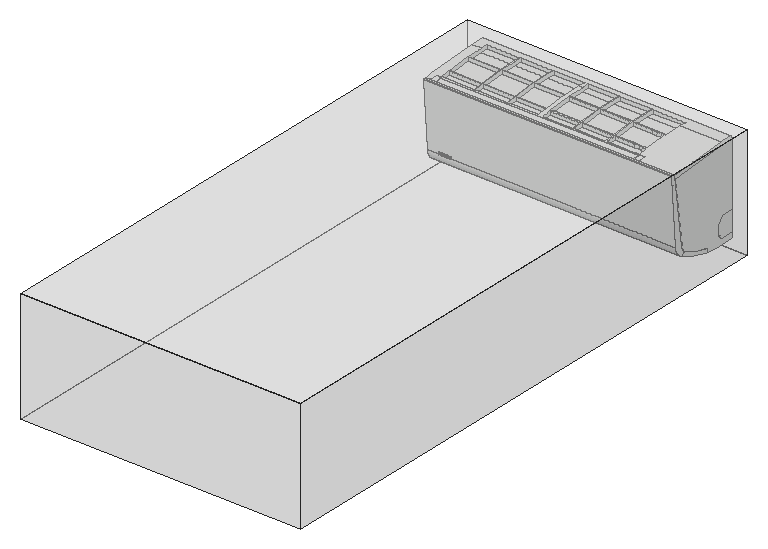
Revit family "outputfile", category 機械設備, Revit 2024
Family settings
  丸型コネクタ寸法 = 半径を使用
  パーツ タイプ = 標準
  OmniClass 番号 = 23.75.10.24.21.27.27
  OmniClass タイトル = Split System Air Conditioning Units
  作業面ベース = いいえ
  常に垂直 = はい
  ロード時にボイドで切り取り = いいえ
  注釈の向きを維持 = いいえ
  共有 = いいえ
  部屋計算ポイント = いいえ
Parameters (values of type "FTKF50CVA")
  Description = ""
  書き出し IFC クラス(タイプ) = "IfcUnitaryEquipmentType"
  定義済み IFC タイプ(タイプ) = "AIRCONDITIONINGUNIT"
  Cost = 0
  Type Comments = ""
  Keynote = ""
  Type Image = (empty or 0)
  Assembly Code = ""
  switch_frequency = yes
  lw_connection [instance] = if(Width = 730.0 mm, 85.0 mm, if(Width = 770.0 mm, 48.0 mm, 60.0 mm))  # 48.0 mm
  製造元 = "Daikin"
  モデル = "FTKF50CVA"
  r_Liquid Pipe Size = Liquid Pipe Size / 2  # 3.2 mm
  r_Gas Pipe Size = Gas Pipe Size / 2  # 6.35 mm
  r_Drain Pipe Size = Drain Pipe Size / 2  # 9.55 mm
  lw_powersupply [instance] = if(Width = 730.0 mm, if(or(Rear Right Connection_refrigerant, Bottom Right Connection_refrigerant), 65.0 mm, if(or(Rear Left Connection_refrigerant, Bottom Left Connection_refrigerant), 695.0 mm, 400.0 mm)), if(Width = 770.0 mm, if(or(Rear Right Connection_refrigerant, Bottom Right Connection_refrigerant), 68.0 mm, if(or(Rear Left Connection_refrigerant, Bottom Left Connection_refrigerant), 705.0 mm, 400.0 mm)), if(or(Rear Right Connection_refrigerant, Bottom Right Connection_refrigerant), 83.0 mm, if(or(Rear Left Connection_refrigerant, Bottom Left Connection_refrigerant), 928.0 mm, 400.0 mm))))  # 400.0 mm
  lw_liquidpipe [instance] = if(Width = 730.0 mm, if(or(Rear Right Connection_refrigerant, Bottom Right Connection_refrigerant), 0.0 mm, if(or(Rear Left Connection_refrigerant, Bottom Left Connection_refrigerant), 582.0 mm, 473.0 mm)), if(Width = 770.0 mm, if(or(Rear Right Connection_refrigerant, Bottom Right Connection_refrigerant), 0.0 mm, if(or(Rear Left Connection_refrigerant, Bottom Left Connection_refrigerant), 682.0 mm, 385.0 mm)), if(or(Rear Right Connection_refrigerant, Bottom Right Connection_refrigerant), 10.0 mm, if(or(Rear Left Connection_refrigerant, Bottom Left Connection_refrigerant), 858.0 mm, 435.0 mm))))  # 385.0 mm
  lw_gaspipe [instance] = if(Width = 730.0 mm, if(or(Rear Right Connection_refrigerant, Bottom Right Connection_refrigerant), 0.0 mm, if(or(Rear Left Connection_refrigerant, Bottom Left Connection_refrigerant), 576.0 mm, 428.0 mm)), if(Width = 770.0 mm, if(or(Rear Right Connection_refrigerant, Bottom Right Connection_refrigerant), 0.0 mm, if(or(Rear Left Connection_refrigerant, Bottom Left Connection_refrigerant), 675.0 mm, 335.0 mm)), if(or(Rear Right Connection_refrigerant, Bottom Right Connection_refrigerant), 0.0 mm, if(or(Rear Left Connection_refrigerant, Bottom Left Connection_refrigerant), 851.0 mm, 400.0 mm))))  # 335.0 mm
  lw_drainpipe [instance] = if(Width = 730.0 mm, if(or(Rear Right Connection_refrigerant, Bottom Right Connection_refrigerant), 0.0 mm, if(or(Rear Left Connection_refrigerant, Bottom Left Connection_refrigerant), 590.0 mm, 488.0 mm)), if(Width = 770.0 mm, if(or(Rear Right Connection_refrigerant, Bottom Right Connection_refrigerant), 0.0 mm, if(or(Rear Left Connection_refrigerant, Bottom Left Connection_refrigerant), 695.0 mm, 440.0 mm)), if(or(Rear Right Connection_refrigerant, Bottom Right Connection_refrigerant), 0.0 mm, if(or(Rear Left Connection_refrigerant, Bottom Left Connection_refrigerant), 888.0 mm, 475.0 mm))))  # 440.0 mm
  l_powersupply_length [instance] = if(Width = 730.0 mm, if(Right Connection_refrigerant, 400.0 mm, if(Left Connection_refrigerant, 330.0 mm, if(or(Bottom Left Connection_refrigerant, Bottom Right Connection_refrigerant), 57.0 mm, if(or(Rear Left Connection_refrigerant, Rear Right Connection_refrigerant), 15.0 mm, 50.0 mm)))), if(Width = 770.0 mm, if(Right Connection_refrigerant, 400.0 mm, if(Left Connection_refrigerant, 370.0 mm, if(or(Bottom Left Connection_refrigerant, Bottom Right Connection_refrigerant), 57.0 mm, if(or(Rear Left Connection_refrigerant, Rear Right Connection_refrigerant), 15.0 mm, 50.0 mm)))), if(Right Connection_refrigerant, 400.0 mm, if(Left Connection_refrigerant, 590.0 mm, if(or(Bottom Left Connection_refrigerant, Bottom Right Connection_refrigerant), 57.0 mm, if(or(Rear Left Connection_refrigerant, Rear Right Connection_refrigerant), 15.0 mm, 50.0 mm))))))  # 400.0 mm
  l_liquidpipe_length [instance] = if(Width = 730.0 mm, if(Right Connection_refrigerant, 558.0 mm, if(Left Connection_refrigerant, 172.0 mm, if(or(Bottom Left Connection_refrigerant, Bottom Right Connection_refrigerant), 48.0 mm, if(or(Rear Left Connection_refrigerant, Rear Right Connection_refrigerant), 30.0 mm, 40.0 mm)))), if(Width = 770.0 mm, if(Right Connection_refrigerant, 433.0 mm, if(Left Connection_refrigerant, 337.0 mm, if(or(Bottom Left Connection_refrigerant, Bottom Right Connection_refrigerant), 48.0 mm, if(or(Rear Left Connection_refrigerant, Rear Right Connection_refrigerant), 30.0 mm, 40.0 mm)))), if(Right Connection_refrigerant, 495.0 mm, if(Left Connection_refrigerant, 495.0 mm, if(or(Bottom Left Connection_refrigerant, Bottom Right Connection_refrigerant), 48.0 mm, if(or(Rear Left Connection_refrigerant, Rear Right Connection_refrigerant), 30.0 mm, 40.0 mm))))))  # 433.0 mm
  l_gaspipe_length [instance] = if(Width = 730.0 mm, if(Right Connection_refrigerant, 513.0 mm, if(Left Connection_refrigerant, 217.0 mm, if(or(Bottom Left Connection_refrigerant, Bottom Right Connection_refrigerant), 57.0 mm, if(or(Rear Left Connection_refrigerant, Rear Right Connection_refrigerant), 40.0 mm, 50.0 mm)))), if(Width = 770.0 mm, if(Right Connection_refrigerant, 383.0 mm, if(Left Connection_refrigerant, 387.0 mm, if(or(Bottom Left Connection_refrigerant, Bottom Right Connection_refrigerant), 57.0 mm, if(or(Rear Left Connection_refrigerant, Rear Right Connection_refrigerant), 40.0 mm, 50.0 mm)))), if(Right Connection_refrigerant, 460.0 mm, if(Left Connection_refrigerant, 530.0 mm, if(or(Bottom Left Connection_refrigerant, Bottom Right Connection_refrigerant), 57.0 mm, if(or(Rear Left Connection_refrigerant, Rear Right Connection_refrigerant), 40.0 mm, 50.0 mm))))))  # 383.0 mm
  l_drainpipe_length [instance] = if(Width = 730.0 mm, if(Right Connection_refrigerant, 573.0 mm, if(Left Connection_refrigerant, 157.0 mm, if(or(Bottom Left Connection_refrigerant, Bottom Right Connection_refrigerant), 35.0 mm, if(or(Rear Left Connection_refrigerant, Rear Right Connection_refrigerant), 15.0 mm, 20.0 mm)))), if(Width = 770.0 mm, if(Right Connection_refrigerant, 488.0 mm, if(Left Connection_refrigerant, 282.0 mm, if(or(Bottom Left Connection_refrigerant, Bottom Right Connection_refrigerant), 35.0 mm, if(or(Rear Left Connection_refrigerant, Rear Right Connection_refrigerant), 15.0 mm, 20.0 mm)))), if(Right Connection_refrigerant, 535.0 mm, if(Left Connection_refrigerant, 455.0 mm, if(or(Bottom Left Connection_refrigerant, Bottom Right Connection_refrigerant), 35.0 mm, if(or(Rear Left Connection_refrigerant, Rear Right Connection_refrigerant), 15.0 mm, 20.0 mm))))))  # 488.0 mm
  h*** = 0.0 mm  # constant formula
  connector_voltage = Voltage_60Hz  # 220 V
  connector_powerinput = [Power Input (Cooling)]  # 0.000 kW
  connector_phase = Phase_60Hz  # 1
  angle_vertical [instance] = if(or(Bottom Left Connection_refrigerant, Bottom Right Connection_refrigerant), 0.00°, 90.00°)  # 90.00°
  angle_horizontal [instance] = if(Right Connection_refrigerant, 90.00°, if(Left Connection_refrigerant, -90.00°, if(or(Rear Left Connection_refrigerant, Rear Right Connection_refrigerant), 180.00°, 0.00°)))  # 90.00°
  Width = 770.0 mm
  Voltage_comment_60Hz = "220"
  Voltage_60Hz = 220 V
  Version = "ver.1.0"
  Unit Type = "Wall Mounted"
  Unit Mass Weight = 9.50 kg
  Unit Designation [instance] = ""
  Uniclass2015Version = "Products v1.30"
  Uniclass2015Title = "Split coil room air conditioning units"
  Uniclass2015Code = "Pr_70_65_03_86"
  URL = ""
  Total Cooling Capacity [instance] = 0.000 kW
  Sound Pressure Level_M speed (dBA) = 39
  Sound Pressure Level_L speed (dBA) = 33
  Sound Pressure Level_H speed (dBA) = 42
  Sound Power Level_H speed (dB) = 0
  Series = "Single Split_Fan Coil Unit"
  Sensible Cooling Capacity [instance] = 0.000 kW
  Refrigerant Type = "R32"
  Power Input (Cooling) = 0.000 kW
  Phase_60Hz = 1
  Option Accessory 3 [instance] = ""
  Option Accessory 2 [instance] = ""
  Option Accessory 1 [instance] = ""
  Nominal Cooling Capacity = 5.280 kW
  Minimum Circuit Amps_60Hz = 0.0 A
  Minimum Airflow = 493.00 m³/h
  Median Airflow = 646.00 m³/h
  Maximum Fuse Amps_60Hz = 0.0 A
  Maximum Airflow = 731.00 m³/h
  Material_Casing = DAIKIN_White_Casing_indoorunit
  Load Classification = HVAC
  Liquid Pipe Size = 6.4 mm
  Link_Nested Family [instance] = ""
  IfcVersion = ""
  IfcExportType = "AIRCONDITIONINGUNIT"
  IfcExportAs = "IfcUnitaryEquipmentType"
  Height = 288.0 mm
  Heat Exchanger Type = "Cross Fin Coil"
  Gas Pipe Size = 12.7 mm
  Frequency_60Hz = 60 Hz
  Fan Type = "Cross Flow Fan"
  Fan Drive = "Direct Drive"
  FCU Tag No. [instance] = ""
  Drain Pipe Size = 19.1 mm
  Design Supply Airflow [instance] = 0.00 m³/h
  Depth = 234.0 mm
  既定の高さ = 0.0 mm
  Cooling Entering Wet Bulb Temperature [instance] = 0.00 °C
  Cooling Entering Dry Bulb Temperature [instance] = 0.00 °C
  Cooling Ambient Wet Bulb Temperature [instance] = 0.00 °C
  Cooling Ambient Dry Bulb Temperature [instance] = 0.00 °C
  Clearance visibility [instance] = yes
  Clearance Top = 30.0 mm
  Clearance Right = 50.0 mm
  Clearance Rear = 0.0 mm
  Clearance Left = 50.0 mm
  Clearance Front = 1500.0 mm
  Clearance Bottom = 30.0 mm
  Bottom Right Connection_refrigerant [instance] = no
  Bottom Left Connection_refrigerant [instance] = no
  Rear Right Connection_refrigerant [instance] = no
  Rear Left Connection_refrigerant [instance] = no
  Right Connection_refrigerant [instance] = yes
  Left Connection_refrigerant [instance] = no
Reference planes
  plane 1 "Back": y = 0
  plane 2: z = 0
  plane 3 "Center (Left/Right)": x = 0
  plane 4 "Center (Front/Back)": y = -117
  plane 5 "Front": y = -234
  plane 6 "Left": x = -385
  plane 7 "Right": x = 385
  plane 8 "Top": z = 0
  plane 9 "Bottom": z = -288
  plane 10 "Front panel_Left": x = -383
  plane 11 "Front panel_Right": x = 383
  plane 12: x = 249
  plane 13: x = 244
  plane 14: x = -435
  plane 15: x = 435
  plane 16: y = 0
  plane 17: y = -213
  plane 18: z = 30
  plane 19: z = -318
  plane 20 "lw_Piping and Wiring intake": x = 337
  plane 21 "lw_gaspipe": x = 2
  plane 22 "lw_liquidpipe": x = -48
  plane 23 "lw_drainpipe": x = -103
  plane 24 "lh_drainpipe": z = -253
  plane 25 "lh_liquidpipe": z = -240
  plane 26 "lh_gaspipe": z = -231
  plane 27 "ld_drainpipe": y = -15
  plane 28 "ld_liquidpipe": y = -30
  plane 29 "ld_gaspipe": y = -40
  plane 30 "lw_powersupply": x = -15
  plane 31: y = -1734
Dimensions and locks
  equal spacing: plane 6 "Left", plane 3 "Center (Left/Right)", plane 7 "Right"
  "Width": plane 6 "Left" to plane 7 "Right"
  equal spacing: plane 5 "Front", plane 4 "Center (Front/Back)", plane 1 "Back"
  "Depth": plane 5 "Front" to plane 1 "Back"
  "Height": plane 8 "Top" to plane 9 "Bottom"
  locked: plane 10 "Front panel_Left" to plane 6 "Left" at 2
  locked: plane 7 "Right" to plane 11 "Front panel_Right" at 2
  locked: plane 7 "Right" to plane 12 at 136
  locked: plane 12 to plane 13 at 5
  "Clearance Rear": plane 16 to plane 1 "Back"
  "Clearance Top": plane 18 to plane 8 "Top"
  "Clearance Bottom": plane 9 "Bottom" to plane 19
  "lw_connection": plane 20 "lw_Piping and Wiring intake" to plane 7 "Right"
  "lw_gaspipe": plane 21 "lw_gaspipe" to plane 20 "lw_Piping and Wiring intake"
  "lw_liquidpipe": plane 22 "lw_liquidpipe" to plane 20 "lw_Piping and Wiring intake"
  "lw_drainpipe": plane 23 "lw_drainpipe" to plane 20 "lw_Piping and Wiring intake"
  locked: plane 24 "lh_drainpipe" to plane 9 "Bottom" at 35
  locked: plane 25 "lh_liquidpipe" to plane 9 "Bottom" at 48
  locked: plane 26 "lh_gaspipe" to plane 9 "Bottom" at 57
  locked: plane 27 "ld_drainpipe" to plane 1 "Back" at 15
  locked: plane 1 "Back" to plane 28 "ld_liquidpipe" at 30
  locked: plane 1 "Back" to plane 29 "ld_gaspipe" at 40
  "lw_powersupply": plane 30 "lw_powersupply" to plane 7 "Right"
  "Clearance Left": plane 14 to plane 6 "Left"
  "Clearance Right": plane 7 "Right" to plane 15
  "Clearance Front": plane 5 "Front" to plane 31
  aligned and locked: level to plane 2
  aligned and locked: plane 16 to nested 1
  aligned and locked: nested 1 to plane 14
  aligned and locked: nested 1 to plane 15
  aligned and locked: plane 19 to nested 1
  aligned and locked: plane 18 to nested 1
  aligned and locked: plane 21 "lw_gaspipe" to nested 2
  aligned and locked: nested 2 to plane 29 "ld_gaspipe"
  aligned and locked: plane 22 "lw_liquidpipe" to nested 3
  aligned and locked: nested 3 to plane 28 "ld_liquidpipe"
  aligned and locked: plane 23 "lw_drainpipe" to nested 4
  aligned and locked: nested 4 to plane 27 "ld_drainpipe"
  aligned and locked: nested 5 to plane 27 "ld_drainpipe"
  aligned and locked: plane 30 "lw_powersupply" to nested 5
  aligned and locked: level to plane 8 "Top"
  aligned and locked: nested 1 to plane 31
Nested families
  nested 1: "daikin_clearancespace" at (0, -867, -143.881), show <- "Clearance visibility", visible <- "Clearance visibility", Link_Nested Family <- "Link_Nested Family", type "daikin_clearancespace"
    with width 870.0 mm, show yes, height 348.0 mm, depth 1734.0 mm, Link_Nested Family ""
  nested 2: "daikin_connector_rotate3" at (2, -40, -231), angle_vertical <- "angle_vertical", angle_horizontal <- "angle_horizontal", length <- "l_gaspipe_length", radius <- "r_Gas Pipe Size", type "daikin_connector_rotate3"
    with show no, radius 6.35 mm, length 383.0 mm, angle_vertical 90.00°, angle_horizontal 90.00°
  nested 3: "daikin_connector_rotate3" at (-48, -30, -240), angle_vertical <- "angle_vertical", angle_horizontal <- "angle_horizontal", radius <- "r_Liquid Pipe Size", length <- "l_liquidpipe_length", type "daikin_connector_rotate3"
    with show no, radius 3.2 mm, length 433.0 mm, angle_vertical 90.00°, angle_horizontal 90.00°
  nested 4: "daikin_connector_rotate3" at (-103, -15, -253), angle_vertical <- "angle_vertical", angle_horizontal <- "angle_horizontal", length <- "l_drainpipe_length", radius <- "r_Drain Pipe Size", type "daikin_connector_rotate3"
    with show no, radius 9.55 mm, length 488.0 mm, angle_vertical 90.00°, angle_horizontal 90.00°
  nested 5: "daikin_connector_rotate3" at (-15, -15, -231), angle_vertical <- "angle_vertical", angle_horizontal <- "angle_horizontal", length <- "l_powersupply_length", type "daikin_connector_rotate3"
    with show no, radius 10.0 mm, length 400.0 mm, angle_vertical 90.00°, angle_horizontal 90.00°
  nested 6: "DAIKIN_indoorunit_FTKF-CVA" at (-31, 0, 0), type "FTKF-CVA"
    with switch_unit1_35-50 yes, switch_unit1_20-25 no, Width 770.0 mm, WALL HOLE-R 48.0 mm, Height 288.0 mm
Connectors
  piping at (385, -40, -231), diameter 12.7, driven by "r_Gas Pipe Size"
    settings: on nested 2, index 1, connector inside diameter 609.6 mm, connector length 0.0 mm, flow factor 0, pipe flow 0.00 m³/h, pressure drop 0.0 Pa, fitting loss kfactor 0, connector angle 0.00°, fixture units 0, engagement length 0.0 mm, angle of deflection 0.00°, flow configuration 1, flow direction 2, fitting loss method 0, system type 29, joint type 0, gender type 0, connector reference index -1, connector utility 0, adjustable connector no, is connector primary yes, connector description "Refrigerant Gas Piping"
  piping at (385, -30, -240), diameter 6.4, driven by "r_Liquid Pipe Size"
    settings: on nested 3, index 2, connector inside diameter 609.6 mm, connector length 0.0 mm, flow factor 0, pipe flow 0.00 m³/h, pressure drop 0.0 Pa, fitting loss kfactor 0, connector angle 0.00°, fixture units 0, engagement length 0.0 mm, angle of deflection 0.00°, flow configuration 1, flow direction 1, fitting loss method 0, system type 29, joint type 0, gender type 0, connector reference index -1, connector utility 0, adjustable connector no, is connector primary no, connector description "Refrigerant Liquid Piping"
  piping at (385, -15, -253), diameter 19.1, driven by "r_Drain Pipe Size"
    settings: on nested 4, index 3, connector inside diameter 609.6 mm, connector length 0.0 mm, flow factor 0, pipe flow 0.00 m³/h, pressure drop 0.0 Pa, fitting loss kfactor 0, connector angle 0.00°, fixture units 0, engagement length 0.0 mm, angle of deflection 0.00°, flow configuration 1, flow direction 2, fitting loss method 4, system type 16, joint type 0, gender type 0, connector reference index -1, connector utility 0, adjustable connector no, is connector primary no, connector description "Condensate Drain Piping"
  electrical at (385, -15, -231), driven by "Load Classification", driven by "connector_phase", driven by "connector_powerinput", driven by "connector_voltage"
    settings: on nested 5, index 4, voltage 220 V, apparent load 0 VA, apparent load phase1 0 VA, apparent load phase2 0 VA, apparent load phase3 0 VA, power factor 1, load classification "HVAC", number of poles 1, system type 30, power factor state 1, is connector primary yes, connector utility no, sub classification motor no, connector description "Power Supply"
Definition of nested family "daikin_clearancespace"
  Parameters (values of type "daikin_clearancespace")
    Description = "daikin_clearancespace"
    width [instance] = 1823.963 mm
    show [instance] = yes
    material = none
    height [instance] = 1359.762 mm
    depth [instance] = 880.0 mm
    Default Elevation = 0.0 mm
    Link_Nested Family [instance] = ""
  Reference planes
    plane 1 "Center (Front/Back)": y = 0
    plane 2 "Center (Elevation)": z = -0.119
    plane 3 "Center (Left/Right)": x = 0
    plane 4: y = 440
    plane 5: y = -440
    plane 6 "Right": x = 911.982
    plane 7 "Left": x = -911.982
    plane 8 "Top": z = 679.762
    plane 9 "Bottom": z = -680
  Forms (mm)
    Extrusion 1, solid, material <- "material", visible <- "show"
      sketch origin (0, 0, 0) x (1, 0, 0) y (0, 1, 0)
        loop
          line (-911.982, 440) -> (-911.982, -440) -> (911.982, -440) -> (911.982, 440) -> (-911.982, 440)
      from -680 to 679.762
  Lines and regions (mm)
    symbolic lines, visible <- "show"
      curve 1: line (911.982, 440, 0) -> (-911.982, 440, 0)
      curve 2: line (-911.982, 440, 0) -> (-911.982, -440, 0)
      curve 3: line (-911.982, -440, 0) -> (911.982, -440, 0)
      curve 4: line (911.982, -440, 0) -> (911.982, 440, 0)
      curve 5: line (911.982, 0, 679.762) -> (-911.982, 0, 679.762)
      curve 6: line (911.982, 0, -680) -> (911.982, 0, 679.762)
      curve 7: line (-911.982, 0, -680) -> (911.982, 0, -680)
      curve 8: line (-911.982, 0, 679.762) -> (-911.982, 0, -680)
      curve 9: line (0, 440, 679.762) -> (0, -440, 679.762)
      curve 10: line (0, -440, 679.762) -> (0, -440, -680)
      curve 11: line (0, 440, -680) -> (0, 440, 679.762)
      curve 12: line (0, -440, -680) -> (0, 440, -680)
  Dimensions and locks
    "width": plane 7 "Left" to plane 6 "Right"
    "depth": plane 4 to plane 5
    "height": plane 8 "Top" to plane 9 "Bottom"
    equal spacing: plane 7 "Left", plane 3 "Center (Left/Right)", plane 6 "Right"
    equal spacing: plane 4, plane 1 "Center (Front/Back)", plane 5
    equal spacing: plane 8 "Top", plane 2 "Center (Elevation)", plane 9 "Bottom"
    aligned and locked: level to plane 2 "Center (Elevation)"
    aligned and locked: Extrusion 1 sketch curve to plane 4
    aligned and locked: plane 7 "Left" to Extrusion 1 sketch curve
    aligned and locked: Extrusion 1 sketch curve to plane 5
    aligned and locked: Extrusion 1 sketch curve to plane 6 "Right"
    aligned and locked: plane 8 "Top" to Extrusion 1
    aligned and locked: curve 1 to Extrusion 1
    aligned and locked: curve 2 to Extrusion 1
    aligned and locked: curve 3 to Extrusion 1
    aligned and locked: curve 4 to Extrusion 1
    aligned and locked: curve 5 to Extrusion 1
    aligned and locked: curve 6 to Extrusion 1
    aligned and locked: curve 7 to Extrusion 1
    aligned and locked: curve 8 to Extrusion 1
    aligned and locked: curve 9 to Extrusion 1
    aligned and locked: curve 10 to Extrusion 1
    aligned and locked: curve 11 to Extrusion 1
    aligned and locked: curve 12 to Extrusion 1
    aligned and locked: Extrusion 1 to plane 9 "Bottom"
Definition of nested family "DAIKIN_indoorunit_FTKF-CVA"
  Parameters (values of type "FTKF-CVA")
    switch_unit1_60-71 = Width = 990.0 mm  # no
    switch_unit1_35-50 = Width = 770.0 mm  # no
    switch_unit1_20-25 = Width = 730.0 mm  # yes
    Width = 730.0 mm
    WALL HOLE-R = if(Width = 730.0 mm, 79.0 mm, 48.0 mm)  # 79.0 mm
    Material_Casing = none
    Height = if(Width = 730.0 mm, 280.0 mm, if(Width = 770.0 mm, 288.0 mm, 297.0 mm))  # 280.0 mm
    Default Elevation = 0.0 mm
  Reference planes
    plane 1 "Center (Front/Back)": y = 0
    plane 2 "reference_level": z = 0
    plane 3 "Center (Left/Right)": x = 31
    plane 4: x = -334
    plane 5: x = 396
    plane 6: z = -280
  Forms (mm)
    Extrusion 1, solid, material <- "Material_Casing", visible <- "switch_unit1_20-25"
      sketch origin (31, 0, 0) x (0, 1, 0) y (0, 0, 1)
        loop
          line (-109.519, -8) -> (-2.596, -8) -> (-8.198, 0) -> (-109.608, 0)
          arc (-109.608, 0) -> (-157.226, -5.2) -> (-202.599, -20.555) r 220.623
          line (-202.599, -20.555) -> (-202.447, -29.25)
          arc (-202.447, -29.25) -> (-157.182, -13.38) -> (-109.519, -8) r 213.82
      from -365 to 365
    Extrusion 2, solid, material <- "Material_Casing", visible <- "switch_unit1_20-25"
      sketch origin (416, 1304.033, 1200.206) x (0, 1, 0) y (0, 0, 1)
        loop
          arc (-1496.513, -1423.164) -> (-1487.225, -1434.204) -> (-1476.373, -1443.711) r 95
          arc (-1476.373, -1443.711) -> (-1448.371, -1461.92) -> (-1418.191, -1476.232) r 250
          line (-1418.191, -1476.232) -> (-1418.191, -1465.318)
          arc (-1418.191, -1465.318) -> (-1445.052, -1452.134) -> (-1470.063, -1435.711) r 240
          arc (-1470.063, -1435.711) -> (-1477.766, -1429.186) -> (-1484.641, -1421.794) r 85
          line (-1484.641, -1421.794) -> (-1496.513, -1423.164)
      from -20 to -177
    Extrusion 3, solid, material <- "Material_Casing", visible <- "switch_unit1_20-25"
      sketch origin (31, 0, 0) x (0, 1, 0) y (0, 0, 1)
        loop
          line (-202.769, -10.816) -> (-211.618, -13.692)
          arc (-211.618, -13.692) -> (-212.628, -14.432) -> (-213, -15.629) r 2
          line (-213, -15.629) -> (-210.348, -167.5)
          arc (-210.348, -167.5) -> (-206.029, -195.818) -> (-193.465, -221.562) r 95
          line (-193.465, -221.562) -> (-181.653, -220.199)
          arc (-181.653, -220.199) -> (-195.31, -195.356) -> (-200.037, -167.403) r 85
          line (-200.037, -167.403) -> (-202.769, -10.816)
      from -365 to 365
    Extrusion 4, solid, material <- "Material_Casing", visible <- "switch_unit1_20-25"
      sketch origin (31, 0, 0) x (0, 1, 0) y (0, 0, 1)
        loop
          line (0, -280) -> (0, -11.707) -> (-2.596, -8) -> (-109.519, -8)
          arc (-109.519, -8) -> (-156.378, -13.198) -> (-200.959, -28.539) r 213.82
          line (-200.959, -28.539) -> (-198.537, -167.295)
          arc (-198.537, -167.295) -> (-189.766, -204.754) -> (-165.131, -234.305) r 83.5
          arc (-165.131, -234.305) -> (-139.841, -250.873) -> (-112.659, -264.109) r 238.5
          line (-112.659, -264.109) -> (-112.659, -276.338)
          arc (-112.659, -276.338) -> (-100.834, -279.079) -> (-88.731, -280) r 80
          line (-88.731, -280) -> (0, -280)
      from -365 to 365
    Extrusion 5, solid, material <- "Material_Casing", visible <- "switch_unit1_20-25"
      sketch origin (-354, 1304.033, 1200.206) x (0, 1, 0) y (0, 0, 1)
        loop
          arc (-1496.513, -1423.164) -> (-1487.225, -1434.204) -> (-1476.373, -1443.711) r 95
          arc (-1476.373, -1443.711) -> (-1448.371, -1461.92) -> (-1418.191, -1476.232) r 250
          line (-1418.191, -1476.232) -> (-1418.191, -1465.318)
          arc (-1418.191, -1465.318) -> (-1445.052, -1452.134) -> (-1470.063, -1435.711) r 240
          arc (-1470.063, -1435.711) -> (-1477.766, -1429.186) -> (-1484.641, -1421.794) r 85
          line (-1484.641, -1421.794) -> (-1496.513, -1423.164)
      from 72 to 20
    Extrusion 6, solid, material <- "Material_Casing", visible <- "switch_unit1_20-25"
      sketch origin (31, 7.782, 0.206) x (0, 1, 0) y (0, 0, 1)
        loop
          line (-188.39, -221.794) -> (-200.262, -223.164)
          arc (-200.262, -223.164) -> (-190.975, -234.204) -> (-180.122, -243.711) r 95
          arc (-180.122, -243.711) -> (-152.12, -261.92) -> (-121.941, -276.232) r 250
          line (-121.941, -276.232) -> (-121.941, -265.318)
          arc (-121.941, -265.318) -> (-148.801, -252.134) -> (-173.813, -235.711) r 240
          arc (-173.813, -235.711) -> (-181.515, -229.186) -> (-188.39, -221.794) r 85
      from 204 to -309
    Extrusion 7, void
      sketch origin (31, 0, -235) x (1, 0, 0) y (0, 1, 0)
        loop
          line (-324.633, -72.419) -> (-304, -73.5) -> (-234.9, -73.5) -> (-234.9, -24.5) -> (-324.633, -24.5) -> (-324.633, -72.419)
        loop
          line (-304, -74.9) -> (-324.633, -75.939) -> (-324.633, -139.819) -> (-304, -140.9) -> (-234.9, -140.9) -> (-234.9, -74.9) -> (-304, -74.9)
        loop
          line (-304, -142.3) -> (-324.633, -143.326) -> (-324.633, -182.209) -> (-300, -183.5) -> (-234.9, -183.5) -> (-234.9, -142.3) -> (-304, -142.3)
        loop
          line (-233.5, -142.3) -> (-233.5, -183.5) -> (-146.9, -183.5) -> (-146.9, -142.3) -> (-233.5, -142.3)
        loop
          line (-233.5, -140.9) -> (-146.9, -140.9) -> (-146.9, -74.9) -> (-233.5, -74.9) -> (-233.5, -140.9)
        loop
          line (-233.5, -73.5) -> (-146.9, -73.5) -> (-146.9, -24.5) -> (-233.5, -24.5) -> (-233.5, -73.5)
        loop
          line (-145.5, -73.5) -> (-74.9, -73.5) -> (-54.9, -72.452) -> (-54.9, -24.5) -> (-145.5, -24.5) -> (-145.5, -73.5)
        loop
          line (-145.5, -74.9) -> (-145.5, -140.9) -> (-74.9, -140.9) -> (-54.9, -139.852) -> (-54.9, -75.948) -> (-74.9, -74.9) -> (-145.5, -74.9)
        loop
          line (-145.5, -142.3) -> (-145.5, -183.5) -> (-74.9, -183.5) -> (-54.9, -182.452) -> (-54.9, -143.348) -> (-74.9, -142.3) -> (-145.5, -142.3)
        loop
          line (-53.5, -24.5) -> (-53.5, -72.452) -> (-33.5, -73.5) -> (36.5, -73.5) -> (36.5, -24.5) -> (-53.5, -24.5)
        loop
          line (-53.5, -75.948) -> (-53.5, -139.852) -> (-33.5, -140.9) -> (36.5, -140.9) -> (36.5, -74.9) -> (-33.5, -74.9) -> (-53.5, -75.948)
        loop
          line (-33.5, -142.3) -> (-53.5, -143.348) -> (-53.5, -182.452) -> (-33.5, -183.5) -> (36.5, -183.5) -> (36.5, -142.3) -> (-33.5, -142.3)
        loop
          line (37.9, -24.5) -> (37.9, -73.5) -> (124.9, -73.5) -> (124.9, -24.5) -> (37.9, -24.5)
        loop
          line (37.9, -74.9) -> (37.9, -140.9) -> (124.9, -140.9) -> (124.9, -74.9) -> (37.9, -74.9)
        loop
          line (37.9, -142.3) -> (37.9, -183.5) -> (124.9, -183.5) -> (124.9, -142.3) -> (37.9, -142.3)
        loop
          line (126.3, -24.5) -> (126.3, -73.5) -> (195.6, -73.5) -> (216, -72.431) -> (216, -24.5) -> (126.3, -24.5)
        loop
          line (126.3, -74.9) -> (126.3, -140.9) -> (198.5, -140.9) -> (216, -139.983) -> (216, -75.817) -> (198.5, -74.9) -> (126.3, -74.9)
        loop
          line (126.3, -142.3) -> (126.3, -183.5) -> (198.337, -183.5) -> (216, -182.623) -> (216, -143.217) -> (198.5, -142.3) -> (126.3, -142.3)
      from 201.638 to 250
    Extrusion 8, solid, material <- "Material_Casing"
      sketch origin (31, 0, 0) x (1, 0, 0) y (0, 0, 1)
        loop
          circle (286, -235) r 40
        loop
          circle (-317, -235) r 40
      from 0 to 5
    Extrusion 9, solid, material <- "Material_Casing", visible <- "switch_unit1_20-25"
      sketch origin (396, 1296.25, 1200) x (0, -1, 0) y (0, 0, 1)
        loop
          line (1326.25, -1413) -> (1296.25, -1413) -> (1296.25, -1473) -> (1326.25, -1473)
          arc (1326.25, -1473) -> (1340.393, -1467.142) -> (1346.25, -1453) r 20
          line (1346.25, -1453) -> (1346.25, -1433)
          arc (1346.25, -1433) -> (1340.393, -1418.858) -> (1326.25, -1413) r 20
      from 0 to 5
    Extrusion 10, solid, material <- "Material_Casing", visible <- "switch_unit1_20-25"
      sketch origin (-334, 1296.25, 1200) x (0, 1, 0) y (0, 0, 1)
        loop
          line (-1296.25, -1413) -> (-1326.25, -1413)
          arc (-1326.25, -1413) -> (-1340.393, -1418.858) -> (-1346.25, -1433) r 20
          line (-1346.25, -1433) -> (-1346.25, -1453)
          arc (-1346.25, -1453) -> (-1340.393, -1467.142) -> (-1326.25, -1473) r 20
          line (-1326.25, -1473) -> (-1296.25, -1473) -> (-1296.25, -1413)
      from 0 to 5
    Extrusion 11, solid, material <- "Material_Casing", visible <- "switch_unit1_20-25"
      sketch origin (11, 0, -285) x (-1, 0, 0) y (0, -1, 0)
        loop
          line (-279, 0) -> (-279, 30)
          arc (-279, 30) -> (-284.419, 43.081) -> (-297.5, 48.5) r 18.5
          line (-297.5, 48.5) -> (-320.5, 48.5)
          arc (-320.5, 48.5) -> (-333.581, 43.081) -> (-339, 30) r 18.5
          line (-339, 30) -> (-339, 0) -> (-279, 0)
        loop
          line (326, 0) -> (326, 30)
          arc (326, 30) -> (320.581, 43.081) -> (307.5, 48.5) r 18.5
          line (307.5, 48.5) -> (284.5, 48.5)
          arc (284.5, 48.5) -> (271.419, 43.081) -> (266, 30) r 18.5
          line (266, 30) -> (266, 0) -> (326, 0)
      from 10 to 5
    Extrusion 12, solid, material <- "Material_Casing", visible <- "switch_unit1_35-50"
      sketch origin (31, 0, 0) x (0, 1, 0) y (0, 0, 1)
        loop
          line (-5, 0) -> (-45.84, 0)
          arc (-45.84, 0) -> (-135.906, -3.965) -> (-225.275, -15.831) r 1024.823
          arc (-225.275, -15.831) -> (-224.639, -21.302) -> (-223.878, -26.758) r 241.564
          arc (-223.878, -26.758) -> (-135.207, -14.947) -> (-45.84, -11) r 1013.66
          line (-45.84, -11) -> (0, -11) -> (0, -9.02) -> (-5, 0)
      from -385 to 385
    Extrusion 13, solid, material <- "Material_Casing", visible <- "switch_unit1_35-50"
      sketch origin (31, 0, 0) x (0, 1, 0) y (0, 0, 1)
        loop
          arc (-226.673, -12.416) -> (-229.519, -12.929) -> (-232.363, -13.449) r 1025.776
          arc (-232.363, -13.449) -> (-233.586, -14.198) -> (-233.994, -15.573) r 2
          line (-233.994, -15.573) -> (-218.08, -217.408)
          arc (-218.08, -217.408) -> (-211.296, -237.286) -> (-195.807, -251.472) r 42.415
          line (-195.807, -251.472) -> (-186.556, -243.946)
          arc (-186.556, -243.946) -> (-193.981, -235.221) -> (-197.648, -224.366) r 30.386
          line (-197.648, -224.366) -> (-226.673, -12.416)
      from -385 to 385
    Extrusion 14, void
      sketch origin (33, 0, 0) x (1, 0, 0) y (0, 1, 0)
        loop
          line (-357.499, -23.5) -> (-357.499, -96.7) -> (-255.999, -96.7) -> (-255.999, -23.5) -> (-357.499, -23.5)
        loop
          line (-255.999, -99.1) -> (-357.499, -99.1) -> (-357.499, -170.1) -> (-255.999, -170.1) -> (-255.999, -99.1)
        loop
          line (-255.999, -171.7) -> (-357.499, -171.7) -> (-357.499, -201.7) -> (-255.999, -201.7) -> (-255.999, -171.7)
        loop
          line (-253.399, -23.5) -> (-253.399, -96.7) -> (-153.899, -96.7) -> (-153.899, -23.5) -> (-253.399, -23.5)
        loop
          line (-253.399, -99.1) -> (-253.399, -170.1) -> (-153.899, -170.1) -> (-153.899, -99.1) -> (-253.399, -99.1)
        loop
          line (-153.899, -171.7) -> (-253.399, -171.7) -> (-253.399, -201.7) -> (-153.899, -201.7) -> (-153.899, -171.7)
        loop
          line (-56.549, -23.5) -> (-151.299, -23.5) -> (-151.299, -96.7) -> (-56.549, -96.7) -> (-56.549, -23.5)
        loop
          line (-151.299, -99.1) -> (-151.299, -170.1) -> (-56.549, -170.1) -> (-56.549, -99.1) -> (-151.299, -99.1)
        loop
          line (-56.549, -171.7) -> (-151.299, -171.7) -> (-151.299, -201.7) -> (-56.549, -201.7) -> (-56.549, -171.7)
        loop
          line (50.301, -23.5) -> (-44.549, -23.5) -> (-44.549, -96.7) -> (50.301, -96.7) -> (50.301, -23.5)
        loop
          line (-44.549, -99.1) -> (-44.549, -170.1) -> (50.301, -170.1) -> (50.301, -99.1) -> (-44.549, -99.1)
        loop
          line (50.301, -171.7) -> (-44.549, -171.7) -> (-44.549, -201.7) -> (50.301, -201.7) -> (50.301, -171.7)
        loop
          line (52.901, -23.5) -> (52.901, -96.7) -> (152.401, -96.7) -> (152.401, -23.5) -> (52.901, -23.5)
        loop
          line (52.901, -99.1) -> (52.901, -170.1) -> (152.401, -170.1) -> (152.401, -99.1) -> (52.901, -99.1)
        loop
          line (52.901, -171.7) -> (52.901, -201.7) -> (152.401, -201.7) -> (152.401, -171.7) -> (52.901, -171.7)
        loop
          line (155.001, -23.5) -> (155.001, -96.7) -> (256.501, -96.7) -> (256.501, -23.5) -> (155.001, -23.5)
        loop
          line (155.001, -99.1) -> (155.001, -170.1) -> (217.501, -170.1) -> (229.501, -170.1) -> (241.501, -170.1) -> (256.501, -170.1) -> (256.501, -152.1) -> (256.501, -134.1) -> (256.501, -116.1) -> (256.501, -99.1) -> (241.501, -99.1) -> (229.501, -99.1) -> (217.501, -99.1) -> (155.001, -99.1)
        loop
          line (155.001, -171.7) -> (155.001, -201.7) -> (217.501, -201.7) -> (229.501, -201.7) -> (241.501, -201.7) -> (256.501, -201.7) -> (256.501, -171.7) -> (241.501, -171.7) -> (229.501, -171.7) -> (217.501, -171.7) -> (155.001, -171.7)
      from -40.013 to 47.268
    Extrusion 15, solid, material <- "Material_Casing", visible <- "switch_unit1_35-50"
      sketch origin (-356, 1308.25, 1200) x (0, 1, 0) y (0, 0, -1)
        loop
          line (-1407.524, 1473.254) -> (-1407.524, 1484.154)
          arc (-1407.524, 1484.154) -> (-1456.679, 1472.122) -> (-1503.106, 1451.987) r 299.52
          line (-1503.106, 1451.987) -> (-1494.032, 1444.604)
          arc (-1494.032, 1444.604) -> (-1451.915, 1462.363) -> (-1407.524, 1473.254) r 288.723
      from -2 to -49.5
    Extrusion 16, solid, material <- "Material_Casing", visible <- "switch_unit1_35-50"
      sketch origin (418, 1308.25, 1200) x (0, 1, 0) y (0, 0, 1)
        loop
          arc (-1407.524, -1473.254) -> (-1451.915, -1462.363) -> (-1494.032, -1444.604) r 288.723
          line (-1494.032, -1444.604) -> (-1503.106, -1451.987)
          arc (-1503.106, -1451.987) -> (-1456.679, -1472.122) -> (-1407.524, -1484.154) r 299.52
          line (-1407.524, -1484.154) -> (-1407.524, -1473.254)
      from -2 to -119.5
    Extrusion 17, solid, material <- "Material_Casing", visible <- "switch_unit1_35-50"
      sketch origin (418, 1308.25, 1200) x (0, 1, 0) y (0, 0, 1)
        loop
          line (-1407.524, -1484.154) -> (-1407.524, -1473.254)
          arc (-1407.524, -1473.254) -> (-1451.915, -1462.363) -> (-1494.032, -1444.604) r 288.723
          line (-1494.032, -1444.604) -> (-1503.106, -1451.987)
          arc (-1503.106, -1451.987) -> (-1456.679, -1472.122) -> (-1407.524, -1484.154) r 299.52
      from -119.5 to -724.5
    Extrusion 18, solid, material <- "Material_Casing", visible <- "switch_unit1_35-50"
      sketch origin (31, 0, -30) x (0, 1, 0) y (0, 0, 1)
        loop
          arc (-45.84, 19) -> (-135.218, 15.052) -> (-223.901, 3.238) r 1013.66
          line (-223.901, 3.238) -> (-196.855, -194.257)
          arc (-196.855, -194.257) -> (-192.985, -205.344) -> (-185.107, -214.052) r 29.589
          arc (-185.107, -214.052) -> (-142.926, -231.76) -> (-98.473, -242.568) r 288.081
          line (-98.473, -242.568) -> (-98.525, -254.271)
          arc (-98.525, -254.271) -> (-75.337, -257.066) -> (-52, -258) r 292.099
          line (-52, -258) -> (0, -258) -> (0, 19) -> (-45.84, 19)
      from -385 to 385
    Extrusion 19, solid, material <- "Material_Casing", visible <- "switch_unit1_35-50"
      sketch origin (416, 1296.25, 1200) x (0, -1, 0) y (0, 0, 1)
        loop
          line (1329.05, -1409.6) -> (1296.25, -1409.6) -> (1296.25, -1469.6) -> (1329.05, -1469.6)
          arc (1329.05, -1469.6) -> (1342.627, -1463.976) -> (1348.25, -1450.4) r 19.2
          line (1348.25, -1450.4) -> (1348.25, -1428.8)
          arc (1348.25, -1428.8) -> (1342.627, -1415.224) -> (1329.05, -1409.6) r 19.2
      from 0 to 5
    Extrusion 20, solid, material <- "Material_Casing", visible <- "switch_unit1_35-50"
      sketch origin (-349, 1296.25, 1200) x (0, -1, 0) y (0, 0, 1)
        loop
          line (1329.05, -1409.6) -> (1296.25, -1409.6) -> (1296.25, -1469.6) -> (1329.05, -1469.6)
          arc (1329.05, -1469.6) -> (1342.627, -1463.976) -> (1348.25, -1450.4) r 19.2
          line (1348.25, -1450.4) -> (1348.25, -1428.8)
          arc (1348.25, -1428.8) -> (1342.627, -1415.224) -> (1329.05, -1409.6) r 19.2
      from 0 to 5
    Extrusion 21, solid, material <- "Material_Casing", visible <- "switch_unit1_35-50"
      sketch origin (31, 200, -288) x (-1, 0, 0) y (0, -1, 0)
        loop
          line (369, 200) -> (369, 232)
          arc (369, 232) -> (363.142, 246.142) -> (349, 252) r 20
          line (349, 252) -> (329, 252)
          arc (329, 252) -> (314.858, 246.142) -> (309, 232) r 20
          line (309, 232) -> (309, 200) -> (369, 200)
        loop
          line (-369, 200) -> (-309, 200) -> (-309, 232)
          arc (-309, 232) -> (-314.858, 246.142) -> (-329, 252) r 20
          line (-329, 252) -> (-349, 252)
          arc (-349, 252) -> (-363.142, 246.142) -> (-369, 232) r 20
          line (-369, 232) -> (-369, 200)
      from 0 to 5
    Extrusion 22, void
      sketch origin (0, 0, 0) x (1, 0, 0) y (0, 1, 0)
        loop
          line (-308, -185.757) -> (-308, -202.769) -> (262, -202.769) -> (262, -185.757) -> (-308, -185.757)
      from -35 to 0
    Extrusion 23, solid, material <- "Material_Casing", visible <- "switch_unit1_20-25"
      sketch origin (0, 0, 0) x (1, 0, 0) y (0, 1, 0)
        loop
          line (-308, -185.757) -> (-308, -202.757) -> (-293, -202.757) -> (-293, -185.757) -> (-308, -185.757)
        loop
          line (262, -185.757) -> (247, -185.757) -> (247, -202.757) -> (262, -202.757) -> (262, -185.757)
      from -35 to 0
    Extrusion 24, solid, material <- "Material_Casing", visible <- "switch_unit1_20-25"
      sketch origin (0, 0, 0) x (1, 0, 0) y (0, 1, 0)
        loop
          line (-293, -190.757) -> (-293, -202.757) -> (247, -202.757) -> (247, -190.757) -> (203.171, -190.757) -> (203.171, -194.257)
          arc (203.171, -194.257) -> (202.732, -195.318) -> (201.671, -195.757) r 1.5
          line (201.671, -195.757) -> (180.129, -195.757)
          arc (180.129, -195.757) -> (179.068, -195.318) -> (178.629, -194.257) r 1.5
          line (178.629, -194.257) -> (178.629, -190.757) -> (46.421, -190.757) -> (46.421, -194.257)
          arc (46.421, -194.257) -> (45.982, -195.318) -> (44.921, -195.757) r 1.5
          line (44.921, -195.757) -> (23.379, -195.757)
          arc (23.379, -195.757) -> (22.318, -195.318) -> (21.879, -194.257) r 1.5
          line (21.879, -194.257) -> (21.879, -190.757) -> (-68.079, -190.757) -> (-68.079, -194.257)
          arc (-68.079, -194.257) -> (-68.518, -195.318) -> (-69.579, -195.757) r 1.5
          line (-69.579, -195.757) -> (-91.121, -195.757)
          arc (-91.121, -195.757) -> (-92.182, -195.318) -> (-92.621, -194.257) r 1.5
          line (-92.621, -194.257) -> (-92.621, -190.757) -> (-224.829, -190.757) -> (-224.829, -194.257)
          arc (-224.829, -194.257) -> (-225.268, -195.318) -> (-226.329, -195.757) r 1.5
          line (-226.329, -195.757) -> (-247.871, -195.757)
          arc (-247.871, -195.757) -> (-248.932, -195.318) -> (-249.371, -194.257) r 1.5
          line (-249.371, -194.257) -> (-249.371, -190.757) -> (-293, -190.757)
      from -35 to 0
    Extrusion 25, void
      sketch origin (31, 0, 0) x (0, 1, 0) y (0, 0, 1)
        loop
          line (-185.757, -13.903) -> (-185.757, 0) -> (-205.202, 0) -> (-205.202, -21.715)
          arc (-205.202, -21.715) -> (-195.563, -17.601) -> (-185.757, -13.903) r 245
        loop
          line (-205.202, -30.526) -> (-205.202, -35) -> (-185.757, -35) -> (-185.757, -22.404)
          arc (-185.757, -22.404) -> (-195.57, -26.249) -> (-205.202, -30.526) r 237
      from 231 to -339
    Extrusion 26, void
      sketch origin (0, 0, 0) x (1, 0, 0) y (0, 1, 0)
        loop
          line (-341.401, -199.9) -> (-342.412, -238.673) -> (306.373, -238.673)
          spline (306.373, -238.673) -> (306.288, -235.451) -> (306.202, -232.228) -> (306.116, -229.002) -> (306.031, -225.775) -> (305.945, -222.546) -> (305.859, -219.316) -> (305.774, -216.084) -> (305.688, -212.85) -> (305.602, -209.615) -> (305.517, -206.378) -> (305.431, -203.14) -> (305.345, -199.9)
          line (305.345, -199.9) -> (290.148, -199.9) -> (290.015, -203.69) -> (-326.04, -203.69) -> (-326.173, -199.9) -> (-341.401, -199.9)
      from 0 to -34.101
    Extrusion 27, solid, material <- "Material_Casing", visible <- "switch_unit1_35-50"
      sketch origin (0, 0, 0) x (1, 0, 0) y (0, 1, 0)
        loop
          line (-324.05, -226.673) -> (-324.05, -203.69) -> (-326.04, -203.69) -> (-326.173, -199.9) -> (-341.401, -199.9) -> (-342.099, -226.673) -> (-324.05, -226.673)
        loop
          line (305.344, -199.9) -> (290.148, -199.9) -> (290.015, -203.69) -> (288.001, -203.69) -> (288.001, -226.673) -> (306.055, -226.673) -> (305.344, -199.9)
      from 0 to -30
    Extrusion 28, solid, material <- "Material_Casing", visible <- "switch_unit1_35-50"
      sketch origin (0, 0, 0) x (1, 0, 0) y (0, 1, 0)
        loop
          line (288.001, -203.69) -> (-324.05, -203.69) -> (-324.05, -226.673) -> (288.001, -226.673) -> (288.001, -203.69)
      from 0 to -30
    Extrusion 29, void
      sketch origin (31, 0, 0) x (0, 1, 0) y (0, 0, 1)
        loop
          arc (-223.878, -26.758) -> (-224.639, -21.302) -> (-225.275, -15.831) r 241.564
          arc (-225.275, -15.831) -> (-212.6, -13.659) -> (-199.9, -11.646) r 1024.823
          line (-199.9, -11.646) -> (-199.9, 0) -> (-238.673, 0) -> (-238.673, -30) -> (-199.9, -30) -> (-199.9, -22.776)
          arc (-199.9, -22.776) -> (-211.901, -24.695) -> (-223.878, -26.758) r 1013.66
      from -385 to 385
    Extrusion 30, void
      sketch origin (31, 12, 0) x (0, 1, 0) y (0, 0, 1)
        loop
          arc (-201.887, -254.601) -> (-173.585, -267.35) -> (-144.115, -277.1) r 299.52
          line (-144.115, -277.1) -> (-122.392, -277.1)
          arc (-122.392, -277.1) -> (-157.174, -267.937) -> (-190.58, -254.601) r 294.52
          line (-190.58, -254.601) -> (-201.887, -254.601)
      from 303 to 335
    Extrusion 31, solid, material <- "Material_Casing", visible <- "switch_unit1_35-50"
      sketch origin (31, 12, 0) x (0, 1, 0) y (0, 0, 1)
        loop
          arc (-201.887, -254.601) -> (-173.585, -267.35) -> (-144.115, -277.1) r 299.52
          line (-144.115, -277.1) -> (-122.392, -277.1)
          arc (-122.392, -277.1) -> (-157.174, -267.937) -> (-190.58, -254.601) r 294.52
          line (-190.58, -254.601) -> (-201.887, -254.601)
      from 303 to 335
    Extrusion 32, void
      sketch origin (31, 12, 0) x (0, 1, 0) y (0, 0, 1)
        loop
          arc (-197.929, -256.6) -> (-189.925, -260.422) -> (-181.811, -264.005) r 299.52
          line (-181.811, -264.005) -> (-173.896, -264.005)
          arc (-173.896, -264.005) -> (-182.522, -260.437) -> (-191.03, -256.6) r 296.52
          line (-191.03, -256.6) -> (-197.929, -256.6)
      from 308.25 to 329.75
    Extrusion 33, solid, material <- "Material_Casing", visible <- "switch_unit1_35-50"
      sketch origin (31, 12, 0) x (0, 1, 0) y (0, 0, 1)
        loop
          line (-191.03, -256.6) -> (-197.929, -256.6)
          arc (-197.929, -256.6) -> (-189.925, -260.422) -> (-181.811, -264.005) r 299.52
          line (-181.811, -264.005) -> (-173.896, -264.005)
          arc (-173.896, -264.005) -> (-182.522, -260.437) -> (-191.03, -256.6) r 296.52
      from 308.25 to 329.75
    Extrusion 34, solid, material <- "Material_Casing", visible <- "switch_unit1_60-71"
      sketch origin (31, 0, 0) x (0, 1, 0) y (0, 0, 1)
        loop
          line (0, -9.411) -> (-5.217, 0) -> (-81.299, 0)
          arc (-81.299, 0) -> (-172.954, -4.661) -> (-263.664, -18.596) r 903.475
          line (-263.664, -18.596) -> (-262.227, -29.099)
          arc (-262.227, -29.099) -> (-172.204, -15.282) -> (-81.24, -10.748) r 889.035
          spline (-81.24, -10.748) -> (-74.468, -10.758) -> (-67.697, -10.768) -> (-60.927, -10.777) -> (-54.156, -10.787) -> (-47.386, -10.797) -> (-40.616, -10.807) -> (-33.846, -10.817) -> (-27.076, -10.827) -> (-20.307, -10.837) -> (-13.538, -10.846) -> (-6.769, -10.856) -> (0, -10.866)
          line (0, -10.866) -> (0, -9.411)
      from -495 to 495
    Extrusion 35, solid, material <- "Material_Casing", visible <- "switch_unit1_60-71"
      sketch origin (31, 0, 0) x (0, 1, 0) y (0, 0, 1)
        loop
          arc (-61.32, -11) -> (-162.288, -14.333) -> (-262.227, -29.099) r 889.035
          line (-262.227, -29.099) -> (-235.753, -222.656)
          arc (-235.753, -222.656) -> (-231.042, -237.333) -> (-221.593, -249.512) r 44.358
          arc (-221.593, -249.512) -> (-169.646, -270.267) -> (-114.65, -280.495) r 285.5
          line (-114.65, -280.495) -> (-114.65, -294.996)
          arc (-114.65, -294.996) -> (-88.244, -296.499) -> (-61.8, -297) r 697.94
          line (-61.8, -297) -> (0, -297) -> (0, -11) -> (-61.32, -11)
      from -495 to 495
    Extrusion 36, solid, material <- "Material_Casing", visible <- "switch_unit1_60-71"
      sketch origin (31, 0.704, 0) x (0, 1, 0) y (0, 0, 1)
        loop
          arc (-234.553, -259.361) -> (-177.189, -283.256) -> (-116.154, -294.93) r 302.598
          line (-116.154, -294.93) -> (-116.154, -281.229)
          arc (-116.154, -281.229) -> (-130.021, -279.659) -> (-143.795, -277.416) r 286.286
          arc (-143.795, -277.416) -> (-184.393, -266.65) -> (-222.978, -250.06) r 286.299
          line (-222.978, -250.06) -> (-234.553, -259.361)
      from -495 to -449
    Extrusion 37, solid, material <- "Material_Casing", visible <- "switch_unit1_60-71"
      sketch origin (86, 0.704, 0) x (0, 1, 0) y (0, 0, 1)
        loop
          arc (-234.553, -259.361) -> (-177.189, -283.256) -> (-116.154, -294.93) r 302.598
          line (-116.154, -294.93) -> (-116.154, -281.229)
          arc (-116.154, -281.229) -> (-130.021, -279.659) -> (-143.795, -277.416) r 286.286
          arc (-143.795, -277.416) -> (-184.393, -266.65) -> (-222.978, -250.06) r 286.299
          line (-222.978, -250.06) -> (-234.553, -259.361)
      from -498 to 288
    Extrusion 38, solid, material <- "Material_Casing", visible <- "switch_unit1_60-71"
      sketch origin (237.5, 0.704, 0) x (0, 1, 0) y (0, 0, 1)
        loop
          arc (-234.553, -259.361) -> (-177.189, -283.256) -> (-116.154, -294.93) r 302.598
          line (-116.154, -294.93) -> (-116.154, -281.229)
          arc (-116.154, -281.229) -> (-130.021, -279.659) -> (-143.795, -277.416) r 286.286
          arc (-143.795, -277.416) -> (-184.393, -266.65) -> (-222.978, -250.06) r 286.299
          line (-222.978, -250.06) -> (-234.553, -259.361)
      from 141.5 to 288.5
    Extrusion 39, solid, material <- "Material_Casing", visible <- "switch_unit1_60-71"
      sketch origin (31, 0, 0) x (0, 1, 0) y (0, 0, 1)
        loop
          arc (-222.666, -249.246) -> (-231.958, -237) -> (-236.602, -222.347) r 45.158
          line (-236.602, -222.347) -> (-264.436, -18.854)
          arc (-264.436, -18.854) -> (-268.128, -19.63) -> (-271.818, -20.421) r 900
          arc (-271.818, -20.421) -> (-272.685, -20.967) -> (-272.999, -21.943) r 1.5
          line (-272.999, -21.943) -> (-248.932, -250.575)
          arc (-248.932, -250.575) -> (-241.732, -254.782) -> (-234.424, -258.8) r 320
          line (-234.424, -258.8) -> (-222.666, -249.246)
      from -495 to 495
    Extrusion 40, solid, material <- "Material_Casing", visible <- "switch_unit1_60-71"
      sketch origin (31, 0, 0) x (0, 1, 0) y (0, 0, 1)
        loop
          arc (-41.8, -202) -> (-55.942, -207.858) -> (-61.8, -222) r 20
          line (-61.8, -222) -> (-61.8, -255.5)
          arc (-61.8, -255.5) -> (-55.942, -269.642) -> (-41.8, -275.5) r 20
          line (-41.8, -275.5) -> (0, -275.5) -> (0, -202) -> (-41.8, -202)
      from -495 to -490
    Extrusion 41, solid, material <- "Material_Casing", visible <- "switch_unit1_60-71"
      sketch origin (31, 0, 0) x (0, 1, 0) y (0, 0, -1)
        loop
          line (-41.8, 202) -> (0, 202) -> (0, 275.5) -> (-41.8, 275.5)
          arc (-41.8, 275.5) -> (-55.942, 269.642) -> (-61.8, 255.5) r 20
          line (-61.8, 255.5) -> (-61.8, 222)
          arc (-61.8, 222) -> (-55.942, 207.858) -> (-41.8, 202) r 20
      from -495 to -490
    Extrusion 42, solid, material <- "Material_Casing", visible <- "switch_unit1_60-71"
      sketch origin (0, 0, 0) x (1, 0, 0) y (0, 1, 0)
        loop
          line (-438, 0) -> (-438, -41.8)
          arc (-438, -41.8) -> (-432.142, -55.942) -> (-418, -61.8) r 20
          line (-418, -61.8) -> (-384.5, -61.8)
          arc (-384.5, -61.8) -> (-370.358, -55.942) -> (-364.5, -41.8) r 20
          line (-364.5, -41.8) -> (-364.5, 0) -> (-438, 0)
        loop
          line (426.5, 0) -> (426.5, -41.8)
          arc (426.5, -41.8) -> (432.358, -55.942) -> (446.5, -61.8) r 20
          line (446.5, -61.8) -> (480, -61.8)
          arc (480, -61.8) -> (494.142, -55.942) -> (500, -41.8) r 20
          line (500, -41.8) -> (500, 0) -> (426.5, 0)
      from -297 to -292
    Extrusion 43, void
      sketch origin (0, 0, 0) x (1, 0, 0) y (0, 1, 0)
        loop
          line (-434.5, -23.5) -> (-434.5, -112.5) -> (-330.5, -112.5) -> (-330.5, -23.5) -> (-434.5, -23.5)
        loop
          line (-434.5, -115.5) -> (-434.5, -192.7) -> (-330.5, -192.7) -> (-330.5, -115.5) -> (-434.5, -115.5)
        loop
          line (-434.5, -195.7) -> (-434.5, -236.8) -> (-330.5, -236.8) -> (-330.5, -195.7) -> (-434.5, -195.7)
        loop
          line (-328, -23.5) -> (-328, -112.5) -> (-227, -112.5) -> (-227, -23.5) -> (-328, -23.5)
        loop
          line (-328, -115.5) -> (-328, -192.7) -> (-227, -192.7) -> (-227, -115.5) -> (-328, -115.5)
        loop
          line (-328, -195.7) -> (-328, -236.8) -> (-227, -236.8) -> (-227, -195.7) -> (-328, -195.7)
        loop
          line (-224.5, -23.5) -> (-224.5, -112.5) -> (-123.5, -112.5) -> (-123.5, -23.5) -> (-224.5, -23.5)
        loop
          line (-224.5, -115.5) -> (-224.5, -192.7) -> (-123.5, -192.7) -> (-123.5, -115.5) -> (-224.5, -115.5)
        loop
          line (-224.5, -195.7) -> (-224.5, -236.8) -> (-123.5, -236.8) -> (-123.5, -195.7) -> (-224.5, -195.7)
        loop
          line (-121, -23.5) -> (-121, -112.5) -> (-20, -112.5) -> (-20, -23.5) -> (-121, -23.5)
        loop
          line (-121, -115.5) -> (-121, -192.7) -> (-20, -192.7) -> (-20, -115.5) -> (-121, -115.5)
        loop
          line (-121, -195.7) -> (-121, -236.8) -> (-20, -236.8) -> (-20, -195.7) -> (-121, -195.7)
        loop
          line (-17.5, -23.5) -> (-17.5, -112.5) -> (83.5, -112.5) -> (83.5, -23.5) -> (-17.5, -23.5)
        loop
          line (-17.5, -115.5) -> (-17.5, -192.7) -> (83.5, -192.7) -> (83.5, -115.5) -> (-17.5, -115.5)
        loop
          line (-17.5, -195.7) -> (-17.5, -236.8) -> (83.5, -236.8) -> (83.5, -195.7) -> (-17.5, -195.7)
        loop
          line (86, -23.5) -> (86, -112.5) -> (187, -112.5) -> (187, -23.5) -> (86, -23.5)
        loop
          line (86, -115.5) -> (86, -192.7) -> (187, -192.7) -> (187, -115.5) -> (86, -115.5)
        loop
          line (86, -195.7) -> (86, -236.8) -> (187, -236.8) -> (187, -195.7) -> (86, -195.7)
        loop
          line (189.5, -23.5) -> (189.5, -112.5) -> (290.5, -112.5) -> (290.5, -23.5) -> (189.5, -23.5)
        loop
          line (189.5, -115.5) -> (189.5, -192.7) -> (290.5, -192.7) -> (290.5, -115.5) -> (189.5, -115.5)
        loop
          line (189.5, -195.7) -> (189.5, -236.8) -> (290.5, -236.8) -> (290.5, -195.7) -> (189.5, -195.7)
        loop
          line (293, -23.5) -> (293, -112.5) -> (397, -112.5) -> (397, -23.5) -> (293, -23.5)
        loop
          line (293, -115.5) -> (293, -192.7) -> (350.7, -192.7) -> (367.5, -192.7) -> (384.75, -192.7) -> (397, -192.7) -> (397, -115.5) -> (384.75, -115.5) -> (367.5, -115.5) -> (350.7, -115.5) -> (293, -115.5)
        loop
          line (293, -195.7) -> (293, -236.8) -> (350.7, -236.8) -> (367.5, -236.8) -> (384.75, -236.8) -> (397, -236.8) -> (397, -195.7) -> (384.75, -195.7) -> (367.5, -195.7) -> (350.7, -195.7) -> (293, -195.7)
      from 30 to -30
    Extrusion 44, void
      sketch origin (0, 0, 0) x (1, 0, 0) y (0, 1, 0)
        loop
          line (411, -239) -> (-449.5, -239) -> (-449.5, -254) -> (-451.5, -254) -> (-451.5, -264.436) -> (415.5, -264.436) -> (415.5, -254) -> (411, -254) -> (411, -239)
      from 0 to -30
    Extrusion 45, solid, material <- "Material_Casing", visible <- "switch_unit1_60-71"
      sketch origin (0, 0, 0) x (1, 0, 0) y (0, 1, 0)
        loop
          line (-451.5, -265) -> (-435.5, -265) -> (-435.5, -239) -> (-449.5, -239) -> (-449.5, -254) -> (-451.5, -254) -> (-451.5, -265)
        loop
          line (398, -265) -> (415.5, -265) -> (415.5, -254) -> (411, -254) -> (411, -239) -> (398, -239) -> (398, -265)
      from 0 to -30
    Extrusion 46, solid, material <- "Material_Casing", visible <- "switch_unit1_60-71"
      sketch origin (0, 0, 0) x (1, 0, 0) y (0, 1, 0)
        loop
          line (-435.5, -239) -> (-435.5, -264.436) -> (397, -264.436) -> (397, -239) -> (-435.5, -239)
      from 0 to -30
    Extrusion 47, void
      sketch origin (31, 0, 0) x (0, 1, 0) y (0, 0, 1)
        loop
          line (-228.739, -12.112) -> (-228.739, 5) -> (-268.475, 5) -> (-268.475, -33.272) -> (-228.739, -33.272) -> (-228.739, -22.853)
          arc (-228.739, -22.853) -> (-245.513, -25.815) -> (-262.227, -29.099) r 889.035
          line (-262.227, -29.099) -> (-263.664, -18.596)
          arc (-263.664, -18.596) -> (-246.233, -15.182) -> (-228.739, -12.112) r 903.475
      from -495 to 495
    Extrusion 48, void
      sketch origin (31, 0.704, 0) x (0, 1, 0) y (0, 0, 1)
        loop
          arc (-230.546, -261.498) -> (-203.172, -274.143) -> (-174.675, -284) r 302.598
          line (-174.675, -284) -> (-154.527, -284)
          arc (-154.527, -284) -> (-187.624, -274.628) -> (-219.42, -261.498) r 297.598
          line (-219.42, -261.498) -> (-230.546, -261.498)
      from 413 to 445
    Extrusion 49, solid, material <- "Material_Casing", visible <- "switch_unit1_60-71"
      sketch origin (31, 0.704, 0) x (0, 1, 0) y (0, 0, 1)
        loop
          arc (-230.546, -261.498) -> (-203.172, -274.143) -> (-174.675, -284) r 302.598
          line (-174.675, -284) -> (-154.527, -284)
          arc (-154.527, -284) -> (-187.624, -274.628) -> (-219.42, -261.498) r 297.598
          line (-219.42, -261.498) -> (-230.546, -261.498)
      from 413 to 445
    Extrusion 50, void
      sketch origin (31, 0.704, 0) x (0, 1, 0) y (0, 0, 1)
        loop
          arc (-226.657, -263.5) -> (-218.833, -267.315) -> (-210.902, -270.904) r 302.598
          line (-210.902, -270.904) -> (-203.176, -270.904)
          arc (-203.176, -270.904) -> (-211.581, -267.329) -> (-219.872, -263.5) r 299.598
          line (-219.872, -263.5) -> (-226.657, -263.5)
      from 418.25 to 439.75
    Extrusion 51, solid, material <- "Material_Casing", visible <- "switch_unit1_60-71"
      sketch origin (31, 0.704, 0) x (0, 1, 0) y (0, 0, 1)
        loop
          arc (-226.657, -263.5) -> (-218.833, -267.315) -> (-210.902, -270.904) r 302.598
          line (-210.902, -270.904) -> (-203.176, -270.904)
          arc (-203.176, -270.904) -> (-211.581, -267.329) -> (-219.872, -263.5) r 299.598
          line (-219.872, -263.5) -> (-226.657, -263.5)
      from 418.25 to 439.75
    Extrusion 52, void
      sketch origin (31, 0, 0) x (0, 1, 0) y (0, 0, 1)
        loop
          arc (-185.09, -232.006) -> (-178.976, -238.044) -> (-172.34, -243.506) r 95
          arc (-172.34, -243.506) -> (-152.916, -256.693) -> (-132.34, -268) r 250
          line (-132.34, -268) -> (-120.445, -268)
          arc (-120.445, -268) -> (-145.718, -255.169) -> (-169.341, -239.505) r 245
          arc (-169.341, -239.505) -> (-173.845, -235.896) -> (-178.109, -232.006) r 90
          line (-178.109, -232.006) -> (-185.09, -232.006)
      from 304.5 to 337.5
    Extrusion 53, solid, material <- "Material_Casing", visible <- "switch_unit1_20-25"
      sketch origin (31, 0, 0) x (0, 1, 0) y (0, 0, 1)
        loop
          arc (-169.341, -239.505) -> (-173.845, -235.896) -> (-178.109, -232.006) r 90
          line (-178.109, -232.006) -> (-185.09, -232.006)
          arc (-185.09, -232.006) -> (-178.976, -238.044) -> (-172.34, -243.506) r 95
          arc (-172.34, -243.506) -> (-152.916, -256.693) -> (-132.34, -268) r 250
          line (-132.34, -268) -> (-120.445, -268)
          arc (-120.445, -268) -> (-145.718, -255.169) -> (-169.341, -239.505) r 245
      from 304.5 to 337.5
    Extrusion 54, void
      sketch origin (31, 0, 0) x (0, 1, 0) y (0, 0, 1)
        loop
          arc (-181.178, -235.993) -> (-176.874, -239.885) -> (-172.34, -243.506) r 95
          arc (-172.34, -243.506) -> (-169.962, -245.267) -> (-167.563, -247) r 250
          line (-167.563, -247) -> (-162.335, -247)
          arc (-162.335, -247) -> (-166.468, -244.095) -> (-170.54, -241.106) r 247
          arc (-170.54, -241.106) -> (-173.711, -238.618) -> (-176.77, -235.993) r 92
          line (-176.77, -235.993) -> (-181.178, -235.993)
      from 310.25 to 331.75
    Extrusion 55, solid, material <- "Material_Casing", visible <- "switch_unit1_20-25"
      sketch origin (31, 0, 0) x (0, 1, 0) y (0, 0, 1)
        loop
          line (-176.77, -235.993) -> (-181.178, -235.993)
          arc (-181.178, -235.993) -> (-176.874, -239.885) -> (-172.34, -243.506) r 95
          arc (-172.34, -243.506) -> (-169.962, -245.267) -> (-167.563, -247) r 250
          line (-167.563, -247) -> (-162.335, -247)
          arc (-162.335, -247) -> (-166.468, -244.095) -> (-170.54, -241.106) r 247
          arc (-170.54, -241.106) -> (-173.711, -238.618) -> (-176.77, -235.993) r 92
      from 310.25 to 331.75
  Cuts and joins
    Extrusion 7, Extrusion 22, Extrusion 25 cuts Extrusion 1
    Extrusion 14, Extrusion 26, Extrusion 29 cuts Extrusion 12
    Extrusion 25 cuts Extrusion 23
    Extrusion 25 cuts Extrusion 24
    Extrusion 29 cuts Extrusion 28
    Extrusion 29 cuts Extrusion 27
    Extrusion 30, Extrusion 32 cuts Extrusion 17
    Extrusion 30 cuts Extrusion 16
    Extrusion 32 cuts Extrusion 31
    Extrusion 43, Extrusion 44 cuts Extrusion 34
    Extrusion 47 cuts Extrusion 45
